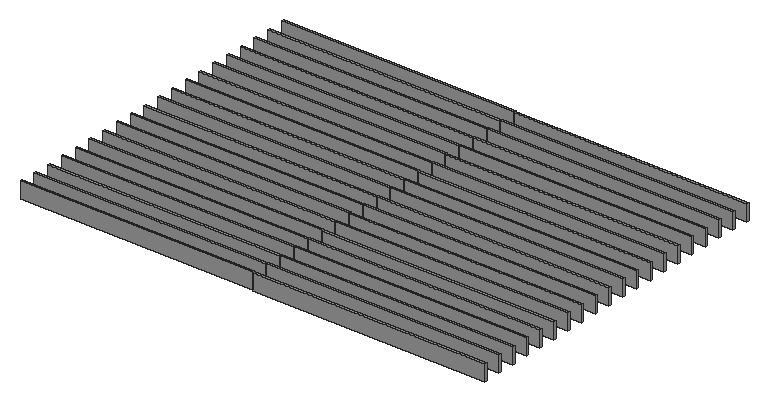
Revit family "BFL-FLD-002_RFA", category Modelos genéricos, Revit 2022
Family settings
  Puede alojar armadura = No
  Cota de conector redondo = Diámetro de uso
  Tipo de pieza = Normal
  Se basa en plano de trabajo = No
  Siempre vertical = Sí
  Corte con vacíos al cargar = No
  Mantener orientación de anotación = No
  Compartido = No
  Punto de cálculo de habitación = No
Parameters
  Elevación por defecto = 0.00"
Reference planes (in)
  plane 1 "Centro (Frontal/Posterior)": y = 0
  plane 2: z = 0
  plane 3 "Centro (Izquierda/Derecha)": x = 0
Forms (in)
  Extrusion 1, solid, not visible
    sketch origin (0, 0, 0) x (1, 0, 0) y (0, 1, 0)
      loop
        line (0, 2.25) -> (0, 0) -> (108, 0) -> (108, 2.25) -> (0, 2.25)
    from 0 to 8
  Extrusion 2, solid, not visible
    sketch origin (0, 0, 0) x (1, 0, 0) y (0, 1, 0)
      loop
        line (0, 2.25) -> (0, 0) -> (108, 0) -> (108, 2.25) -> (0, 2.25)
    from 0 to 8
  Extrusion 3, solid, not visible
    sketch origin (0, 8, 0) x (1, 0, 0) y (0, 1, 0)
      loop
        line (0, 2.25) -> (0, 0) -> (108, 0) -> (108, 2.25) -> (0, 2.25)
    from 0 to 8
  Extrusion 4, solid, not visible
    sketch origin (0, 16, 0) x (1, 0, 0) y (0, 1, 0)
      loop
        line (0, 2.25) -> (0, 0) -> (108, 0) -> (108, 2.25) -> (0, 2.25)
    from 0 to 8
  Extrusion 5, solid, not visible
    sketch origin (0, 24, 0) x (1, 0, 0) y (0, 1, 0)
      loop
        line (0, 2.25) -> (0, 0) -> (108, 0) -> (108, 2.25) -> (0, 2.25)
    from 0 to 8
  Extrusion 6, solid, not visible
    sketch origin (0, 32, 0) x (1, 0, 0) y (0, 1, 0)
      loop
        line (0, 2.25) -> (0, 0) -> (108, 0) -> (108, 2.25) -> (0, 2.25)
    from 0 to 8
  Extrusion 7, solid, not visible
    sketch origin (0, 40, 0) x (1, 0, 0) y (0, 1, 0)
      loop
        line (0, 2.25) -> (0, 0) -> (108, 0) -> (108, 2.25) -> (0, 2.25)
    from 0 to 8
  Extrusion 8, solid, not visible
    sketch origin (0, 48, 0) x (1, 0, 0) y (0, 1, 0)
      loop
        line (0, 2.25) -> (0, 0) -> (108, 0) -> (108, 2.25) -> (0, 2.25)
    from 0 to 8
  Extrusion 9, solid, not visible
    sketch origin (0, 56, 0) x (1, 0, 0) y (0, 1, 0)
      loop
        line (0, 2.25) -> (0, 0) -> (108, 0) -> (108, 2.25) -> (0, 2.25)
    from 0 to 8
  Extrusion 10, solid, not visible
    sketch origin (0, 64, 0) x (1, 0, 0) y (0, 1, 0)
      loop
        line (0, 2.25) -> (0, 0) -> (108, 0) -> (108, 2.25) -> (0, 2.25)
    from 0 to 8
  Extrusion 11, solid, not visible
    sketch origin (0, 72, 0) x (1, 0, 0) y (0, 1, 0)
      loop
        line (0, 2.25) -> (0, 0) -> (108, 0) -> (108, 2.25) -> (0, 2.25)
    from 0 to 8
  Extrusion 12, solid, not visible
    sketch origin (0, 80, 0) x (1, 0, 0) y (0, 1, 0)
      loop
        line (0, 2.25) -> (0, 0) -> (108, 0) -> (108, 2.25) -> (0, 2.25)
    from 0 to 8
  Extrusion 13, solid, not visible
    sketch origin (0, 88, 0) x (1, 0, 0) y (0, 1, 0)
      loop
        line (0, 2.25) -> (0, 0) -> (108, 0) -> (108, 2.25) -> (0, 2.25)
    from 0 to 8
  Extrusion 14, solid, not visible
    sketch origin (0, 96, 0) x (1, 0, 0) y (0, 1, 0)
      loop
        line (0, 2.25) -> (0, 0) -> (108, 0) -> (108, 2.25) -> (0, 2.25)
    from 0 to 8
  Extrusion 15, solid, not visible
    sketch origin (0, 104, 0) x (1, 0, 0) y (0, 1, 0)
      loop
        line (0, 2.25) -> (0, 0) -> (108, 0) -> (108, 2.25) -> (0, 2.25)
    from 0 to 8
  Extrusion 16, solid, not visible
    sketch origin (0, 112, 0) x (1, 0, 0) y (0, 1, 0)
      loop
        line (0, 2.25) -> (0, 0) -> (108, 0) -> (108, 2.25) -> (0, 2.25)
    from 0 to 8
  Extrusion 17, solid, not visible
    sketch origin (0, 120, 0) x (1, 0, 0) y (0, 1, 0)
      loop
        line (0, 2.25) -> (0, 0) -> (108, 0) -> (108, 2.25) -> (0, 2.25)
    from 0 to 8
  Extrusion 18, solid, not visible
    sketch origin (0, 128, 0) x (1, 0, 0) y (0, 1, 0)
      loop
        line (0, 2.25) -> (0, 0) -> (108, 0) -> (108, 2.25) -> (0, 2.25)
    from 0 to 8
  Extrusion 19, solid, not visible
    sketch origin (0, 136, 0) x (1, 0, 0) y (0, 1, 0)
      loop
        line (0, 2.25) -> (0, 0) -> (108, 0) -> (108, 2.25) -> (0, 2.25)
    from 0 to 8
  Extrusion 20, solid, not visible
    sketch origin (0, 144, 0) x (1, 0, 0) y (0, 1, 0)
      loop
        line (0, 2.25) -> (0, 0) -> (108, 0) -> (108, 2.25) -> (0, 2.25)
    from 0 to 8
  Extrusion 21, solid, not visible
    sketch origin (0, 152, 0) x (1, 0, 0) y (0, 1, 0)
      loop
        line (0, 2.25) -> (0, 0) -> (108, 0) -> (108, 2.25) -> (0, 2.25)
    from 0 to 8
  Extrusion 22, solid, not visible
    sketch origin (109, 0, 0) x (1, 0, 0) y (0, 1, 0)
      loop
        line (0, 2.25) -> (0, 0) -> (108, 0) -> (108, 2.25) -> (0, 2.25)
    from 0 to 8
  Extrusion 23, solid, not visible
    sketch origin (109, 8, 0) x (1, 0, 0) y (0, 1, 0)
      loop
        line (0, 2.25) -> (0, 0) -> (108, 0) -> (108, 2.25) -> (0, 2.25)
    from 0 to 8
  Extrusion 24, solid, not visible
    sketch origin (109, 16, 0) x (1, 0, 0) y (0, 1, 0)
      loop
        line (0, 2.25) -> (0, 0) -> (108, 0) -> (108, 2.25) -> (0, 2.25)
    from 0 to 8
  Extrusion 25, solid, not visible
    sketch origin (109, 24, 0) x (1, 0, 0) y (0, 1, 0)
      loop
        line (0, 2.25) -> (0, 0) -> (108, 0) -> (108, 2.25) -> (0, 2.25)
    from 0 to 8
  Extrusion 26, solid, not visible
    sketch origin (109, 32, 0) x (1, 0, 0) y (0, 1, 0)
      loop
        line (0, 2.25) -> (0, 0) -> (108, 0) -> (108, 2.25) -> (0, 2.25)
    from 0 to 8
  Extrusion 27, solid, not visible
    sketch origin (109, 40, 0) x (1, 0, 0) y (0, 1, 0)
      loop
        line (0, 2.25) -> (0, 0) -> (108, 0) -> (108, 2.25) -> (0, 2.25)
    from 0 to 8
  Extrusion 28, solid, not visible
    sketch origin (109, 48, 0) x (1, 0, 0) y (0, 1, 0)
      loop
        line (0, 2.25) -> (0, 0) -> (108, 0) -> (108, 2.25) -> (0, 2.25)
    from 0 to 8
  Extrusion 29, solid, not visible
    sketch origin (109, 56, 0) x (1, 0, 0) y (0, 1, 0)
      loop
        line (0, 2.25) -> (0, 0) -> (108, 0) -> (108, 2.25) -> (0, 2.25)
    from 0 to 8
  Extrusion 30, solid, not visible
    sketch origin (109, 64, 0) x (1, 0, 0) y (0, 1, 0)
      loop
        line (0, 2.25) -> (0, 0) -> (108, 0) -> (108, 2.25) -> (0, 2.25)
    from 0 to 8
  Extrusion 31, solid, not visible
    sketch origin (109, 72, 0) x (1, 0, 0) y (0, 1, 0)
      loop
        line (0, 2.25) -> (0, 0) -> (108, 0) -> (108, 2.25) -> (0, 2.25)
    from 0 to 8
  Extrusion 32, solid, not visible
    sketch origin (109, 80, 0) x (1, 0, 0) y (0, 1, 0)
      loop
        line (0, 2.25) -> (0, 0) -> (108, 0) -> (108, 2.25) -> (0, 2.25)
    from 0 to 8
  Extrusion 33, solid, not visible
    sketch origin (109, 88, 0) x (1, 0, 0) y (0, 1, 0)
      loop
        line (0, 2.25) -> (0, 0) -> (108, 0) -> (108, 2.25) -> (0, 2.25)
    from 0 to 8
  Extrusion 34, solid, not visible
    sketch origin (109, 96, 0) x (1, 0, 0) y (0, 1, 0)
      loop
        line (0, 2.25) -> (0, 0) -> (108, 0) -> (108, 2.25) -> (0, 2.25)
    from 0 to 8
  Extrusion 35, solid, not visible
    sketch origin (109, 104, 0) x (1, 0, 0) y (0, 1, 0)
      loop
        line (0, 2.25) -> (0, 0) -> (108, 0) -> (108, 2.25) -> (0, 2.25)
    from 0 to 8
  Extrusion 36, solid, not visible
    sketch origin (109, 112, 0) x (1, 0, 0) y (0, 1, 0)
      loop
        line (0, 2.25) -> (0, 0) -> (108, 0) -> (108, 2.25) -> (0, 2.25)
    from 0 to 8
  Extrusion 37, solid, not visible
    sketch origin (109, 120, 0) x (1, 0, 0) y (0, 1, 0)
      loop
        line (0, 2.25) -> (0, 0) -> (108, 0) -> (108, 2.25) -> (0, 2.25)
    from 0 to 8
  Extrusion 38, solid, not visible
    sketch origin (109, 128, 0) x (1, 0, 0) y (0, 1, 0)
      loop
        line (0, 2.25) -> (0, 0) -> (108, 0) -> (108, 2.25) -> (0, 2.25)
    from 0 to 8
  Extrusion 39, solid, not visible
    sketch origin (109, 136, 0) x (1, 0, 0) y (0, 1, 0)
      loop
        line (0, 2.25) -> (0, 0) -> (108, 0) -> (108, 2.25) -> (0, 2.25)
    from 0 to 8
  Extrusion 40, solid, not visible
    sketch origin (109, 144, 0) x (1, 0, 0) y (0, 1, 0)
      loop
        line (0, 2.25) -> (0, 0) -> (108, 0) -> (108, 2.25) -> (0, 2.25)
    from 0 to 8
  Extrusion 41, solid, not visible
    sketch origin (109, 152, 0) x (1, 0, 0) y (0, 1, 0)
      loop
        line (0, 2.25) -> (0, 0) -> (108, 0) -> (108, 2.25) -> (0, 2.25)
    from 0 to 8
  Extrusion 42, solid, not visible
    sketch origin (-108, 0, 0) x (1, 0, 0) y (0, 1, 0)
      loop
        line (0, 2.25) -> (0, 0) -> (108, 0) -> (108, 2.25) -> (0, 2.25)
    from 0 to 8
  Extrusion 43, solid, not visible
    sketch origin (-108, 8, 0) x (1, 0, 0) y (0, 1, 0)
      loop
        line (0, 2.25) -> (0, 0) -> (108, 0) -> (108, 2.25) -> (0, 2.25)
    from 0 to 8
  Extrusion 44, solid, not visible
    sketch origin (-108, 16, 0) x (1, 0, 0) y (0, 1, 0)
      loop
        line (0, 2.25) -> (0, 0) -> (108, 0) -> (108, 2.25) -> (0, 2.25)
    from 0 to 8
  Extrusion 45, solid, not visible
    sketch origin (-108, 24, 0) x (1, 0, 0) y (0, 1, 0)
      loop
        line (0, 2.25) -> (0, 0) -> (108, 0) -> (108, 2.25) -> (0, 2.25)
    from 0 to 8
  Extrusion 46, solid, not visible
    sketch origin (-108, 32, 0) x (1, 0, 0) y (0, 1, 0)
      loop
        line (0, 2.25) -> (0, 0) -> (108, 0) -> (108, 2.25) -> (0, 2.25)
    from 0 to 8
  Extrusion 47, solid, not visible
    sketch origin (-108, 40, 0) x (1, 0, 0) y (0, 1, 0)
      loop
        line (0, 2.25) -> (0, 0) -> (108, 0) -> (108, 2.25) -> (0, 2.25)
    from 0 to 8
  Extrusion 48, solid, not visible
    sketch origin (1, 0, 0) x (1, 0, 0) y (0, 1, 0)
      loop
        line (0, 2.25) -> (0, 0) -> (108, 0) -> (108, 2.25) -> (0, 2.25)
    from 0 to 8
  Extrusion 49, solid, not visible
    sketch origin (1, 8, 0) x (1, 0, 0) y (0, 1, 0)
      loop
        line (0, 2.25) -> (0, 0) -> (108, 0) -> (108, 2.25) -> (0, 2.25)
    from 0 to 8
  Extrusion 50, solid, not visible
    sketch origin (1, 16, 0) x (1, 0, 0) y (0, 1, 0)
      loop
        line (0, 2.25) -> (0, 0) -> (108, 0) -> (108, 2.25) -> (0, 2.25)
    from 0 to 8
  Extrusion 51, solid, not visible
    sketch origin (1, 24, 0) x (1, 0, 0) y (0, 1, 0)
      loop
        line (0, 2.25) -> (0, 0) -> (108, 0) -> (108, 2.25) -> (0, 2.25)
    from 0 to 8
  Extrusion 52, solid, not visible
    sketch origin (1, 32, 0) x (1, 0, 0) y (0, 1, 0)
      loop
        line (0, 2.25) -> (0, 0) -> (108, 0) -> (108, 2.25) -> (0, 2.25)
    from 0 to 8
  Extrusion 53, solid, not visible
    sketch origin (1, 40, 0) x (1, 0, 0) y (0, 1, 0)
      loop
        line (0, 2.25) -> (0, 0) -> (108, 0) -> (108, 2.25) -> (0, 2.25)
    from 0 to 8
  Extrusion 54, solid, not visible
    sketch origin (-108, 48, 0) x (1, 0, 0) y (0, 1, 0)
      loop
        line (0, 2.25) -> (0, 0) -> (108, 0) -> (108, 2.25) -> (0, 2.25)
    from 0 to 8
  Extrusion 55, solid, not visible
    sketch origin (-108, 56, 0) x (1, 0, 0) y (0, 1, 0)
      loop
        line (0, 2.25) -> (0, 0) -> (108, 0) -> (108, 2.25) -> (0, 2.25)
    from 0 to 8
  Extrusion 56, solid, not visible
    sketch origin (-108, 64, 0) x (1, 0, 0) y (0, 1, 0)
      loop
        line (0, 2.25) -> (0, 0) -> (108, 0) -> (108, 2.25) -> (0, 2.25)
    from 0 to 8
  Extrusion 57, solid, not visible
    sketch origin (-108, 72, 0) x (1, 0, 0) y (0, 1, 0)
      loop
        line (0, 2.25) -> (0, 0) -> (108, 0) -> (108, 2.25) -> (0, 2.25)
    from 0 to 8
  Extrusion 58, solid, not visible
    sketch origin (-108, 80, 0) x (1, 0, 0) y (0, 1, 0)
      loop
        line (0, 2.25) -> (0, 0) -> (108, 0) -> (108, 2.25) -> (0, 2.25)
    from 0 to 8
  Extrusion 59, solid, not visible
    sketch origin (1, 48, 0) x (1, 0, 0) y (0, 1, 0)
      loop
        line (0, 2.25) -> (0, 0) -> (108, 0) -> (108, 2.25) -> (0, 2.25)
    from 0 to 8
  Extrusion 60, solid, not visible
    sketch origin (1, 56, 0) x (1, 0, 0) y (0, 1, 0)
      loop
        line (0, 2.25) -> (0, 0) -> (108, 0) -> (108, 2.25) -> (0, 2.25)
    from 0 to 8
  Extrusion 61, solid, not visible
    sketch origin (1, 64, 0) x (1, 0, 0) y (0, 1, 0)
      loop
        line (0, 2.25) -> (0, 0) -> (108, 0) -> (108, 2.25) -> (0, 2.25)
    from 0 to 8
  Extrusion 62, solid, not visible
    sketch origin (1, 72, 0) x (1, 0, 0) y (0, 1, 0)
      loop
        line (0, 2.25) -> (0, 0) -> (108, 0) -> (108, 2.25) -> (0, 2.25)
    from 0 to 8
  Extrusion 63, solid, not visible
    sketch origin (1, 80, 0) x (1, 0, 0) y (0, 1, 0)
      loop
        line (0, 2.25) -> (0, 0) -> (108, 0) -> (108, 2.25) -> (0, 2.25)
    from 0 to 8
  Extrusion 64, solid, not visible
    sketch origin (-108, 88, 0) x (1, 0, 0) y (0, 1, 0)
      loop
        line (0, 2.25) -> (0, 0) -> (108, 0) -> (108, 2.25) -> (0, 2.25)
    from 0 to 8
  Extrusion 65, solid, not visible
    sketch origin (-108, 96, 0) x (1, 0, 0) y (0, 1, 0)
      loop
        line (0, 2.25) -> (0, 0) -> (108, 0) -> (108, 2.25) -> (0, 2.25)
    from 0 to 8
  Extrusion 66, solid, not visible
    sketch origin (-108, 104, 0) x (1, 0, 0) y (0, 1, 0)
      loop
        line (0, 2.25) -> (0, 0) -> (108, 0) -> (108, 2.25) -> (0, 2.25)
    from 0 to 8
  Extrusion 67, solid, not visible
    sketch origin (-108, 112, 0) x (1, 0, 0) y (0, 1, 0)
      loop
        line (0, 2.25) -> (0, 0) -> (108, 0) -> (108, 2.25) -> (0, 2.25)
    from 0 to 8
  Extrusion 68, solid, not visible
    sketch origin (-108, 120, 0) x (1, 0, 0) y (0, 1, 0)
      loop
        line (0, 2.25) -> (0, 0) -> (108, 0) -> (108, 2.25) -> (0, 2.25)
    from 0 to 8
  Extrusion 69, solid, not visible
    sketch origin (1, 88, 0) x (1, 0, 0) y (0, 1, 0)
      loop
        line (0, 2.25) -> (0, 0) -> (108, 0) -> (108, 2.25) -> (0, 2.25)
    from 0 to 8
  Extrusion 70, solid, not visible
    sketch origin (1, 96, 0) x (1, 0, 0) y (0, 1, 0)
      loop
        line (0, 2.25) -> (0, 0) -> (108, 0) -> (108, 2.25) -> (0, 2.25)
    from 0 to 8
  Extrusion 71, solid, not visible
    sketch origin (1, 104, 0) x (1, 0, 0) y (0, 1, 0)
      loop
        line (0, 2.25) -> (0, 0) -> (108, 0) -> (108, 2.25) -> (0, 2.25)
    from 0 to 8
  Extrusion 72, solid, not visible
    sketch origin (1, 112, 0) x (1, 0, 0) y (0, 1, 0)
      loop
        line (0, 2.25) -> (0, 0) -> (108, 0) -> (108, 2.25) -> (0, 2.25)
    from 0 to 8
  Extrusion 73, solid, not visible
    sketch origin (1, 120, 0) x (1, 0, 0) y (0, 1, 0)
      loop
        line (0, 2.25) -> (0, 0) -> (108, 0) -> (108, 2.25) -> (0, 2.25)
    from 0 to 8
  Extrusion 74, solid, not visible
    sketch origin (-108, 128, 0) x (1, 0, 0) y (0, 1, 0)
      loop
        line (0, 2.25) -> (0, 0) -> (108, 0) -> (108, 2.25) -> (0, 2.25)
    from 0 to 8
  Extrusion 75, solid, not visible
    sketch origin (-108, 136, 0) x (1, 0, 0) y (0, 1, 0)
      loop
        line (0, 2.25) -> (0, 0) -> (108, 0) -> (108, 2.25) -> (0, 2.25)
    from 0 to 8
  Extrusion 76, solid, not visible
    sketch origin (-108, 144, 0) x (1, 0, 0) y (0, 1, 0)
      loop
        line (0, 2.25) -> (0, 0) -> (108, 0) -> (108, 2.25) -> (0, 2.25)
    from 0 to 8
  Extrusion 77, solid, not visible
    sketch origin (-108, 152, 0) x (1, 0, 0) y (0, 1, 0)
      loop
        line (0, 2.25) -> (0, 0) -> (108, 0) -> (108, 2.25) -> (0, 2.25)
    from 0 to 8
  Extrusion 78, solid, not visible
    sketch origin (-108, 160, 0) x (1, 0, 0) y (0, 1, 0)
      loop
        line (0, 2.25) -> (0, 0) -> (108, 0) -> (108, 2.25) -> (0, 2.25)
    from 0 to 8
  Extrusion 79, solid, not visible
    sketch origin (1, 128, 0) x (1, 0, 0) y (0, 1, 0)
      loop
        line (0, 2.25) -> (0, 0) -> (108, 0) -> (108, 2.25) -> (0, 2.25)
    from 0 to 8
  Extrusion 80, solid, not visible
    sketch origin (1, 136, 0) x (1, 0, 0) y (0, 1, 0)
      loop
        line (0, 2.25) -> (0, 0) -> (108, 0) -> (108, 2.25) -> (0, 2.25)
    from 0 to 8
  Extrusion 81, solid, not visible
    sketch origin (1, 144, 0) x (1, 0, 0) y (0, 1, 0)
      loop
        line (0, 2.25) -> (0, 0) -> (108, 0) -> (108, 2.25) -> (0, 2.25)
    from 0 to 8
  Extrusion 82, solid, not visible
    sketch origin (1, 152, 0) x (1, 0, 0) y (0, 1, 0)
      loop
        line (0, 2.25) -> (0, 0) -> (108, 0) -> (108, 2.25) -> (0, 2.25)
    from 0 to 8
  Extrusion 83, solid, not visible
    sketch origin (1, 160, 0) x (1, 0, 0) y (0, 1, 0)
      loop
        line (0, 2.25) -> (0, 0) -> (108, 0) -> (108, 2.25) -> (0, 2.25)
    from 0 to 8
  Extrusion 84, solid
    sketch origin (0, 0, 0) x (1, 0, 0) y (0, 1, 0)
      loop
        line (0, 0.945) -> (0, 0) -> (108, 0) -> (108, 0.945) -> (0, 0.945)
    from 0 to 7.5
  Extrusion 85, solid
    sketch origin (0, 7.999, 0) x (1, 0, 0) y (0, 1, 0)
      loop
        line (0, 0.945) -> (0, 0) -> (108, 0) -> (108, 0.945) -> (0, 0.945)
    from 0 to 7.5
  Extrusion 86, solid
    sketch origin (0, 15.999, 0) x (1, 0, 0) y (0, 1, 0)
      loop
        line (0, 0.945) -> (0, 0) -> (108, 0) -> (108, 0.945) -> (0, 0.945)
    from 0 to 7.5
  Extrusion 87, solid
    sketch origin (0, 23.999, 0) x (1, 0, 0) y (0, 1, 0)
      loop
        line (0, 0.945) -> (0, 0) -> (108, 0) -> (108, 0.945) -> (0, 0.945)
    from 0 to 7.5
  Extrusion 88, solid
    sketch origin (108.25, 0, 0) x (1, 0, 0) y (0, 1, 0)
      loop
        line (0, 0.945) -> (0, 0) -> (108, 0) -> (108, 0.945) -> (0, 0.945)
    from 0 to 7.5
  Extrusion 89, solid
    sketch origin (108.25, 7.999, 0) x (1, 0, 0) y (0, 1, 0)
      loop
        line (0, 0.945) -> (0, 0) -> (108, 0) -> (108, 0.945) -> (0, 0.945)
    from 0 to 7.5
  Extrusion 90, solid
    sketch origin (108.25, 15.999, 0) x (1, 0, 0) y (0, 1, 0)
      loop
        line (0, 0.945) -> (0, 0) -> (108, 0) -> (108, 0.945) -> (0, 0.945)
    from 0 to 7.5
  Extrusion 91, solid
    sketch origin (108.25, 23.999, 0) x (1, 0, 0) y (0, 1, 0)
      loop
        line (0, 0.945) -> (0, 0) -> (108, 0) -> (108, 0.945) -> (0, 0.945)
    from 0 to 7.5
  Extrusion 92, solid
    sketch origin (0, 31.998, 0) x (1, 0, 0) y (0, 1, 0)
      loop
        line (0, 0.945) -> (0, 0) -> (108, 0) -> (108, 0.945) -> (0, 0.945)
    from 0 to 7.5
  Extrusion 93, solid
    sketch origin (0, 39.998, 0) x (1, 0, 0) y (0, 1, 0)
      loop
        line (0, 0.945) -> (0, 0) -> (108, 0) -> (108, 0.945) -> (0, 0.945)
    from 0 to 7.5
  Extrusion 94, solid
    sketch origin (0, 47.998, 0) x (1, 0, 0) y (0, 1, 0)
      loop
        line (0, 0.945) -> (0, 0) -> (108, 0) -> (108, 0.945) -> (0, 0.945)
    from 0 to 7.5
  Extrusion 95, solid
    sketch origin (108.25, 31.998, 0) x (1, 0, 0) y (0, 1, 0)
      loop
        line (0, 0.945) -> (0, 0) -> (108, 0) -> (108, 0.945) -> (0, 0.945)
    from 0 to 7.5
  Extrusion 96, solid
    sketch origin (108.25, 39.998, 0) x (1, 0, 0) y (0, 1, 0)
      loop
        line (0, 0.945) -> (0, 0) -> (108, 0) -> (108, 0.945) -> (0, 0.945)
    from 0 to 7.5
  Extrusion 97, solid
    sketch origin (108.25, 47.998, 0) x (1, 0, 0) y (0, 1, 0)
      loop
        line (0, 0.945) -> (0, 0) -> (108, 0) -> (108, 0.945) -> (0, 0.945)
    from 0 to 7.5
  Extrusion 98, solid
    sketch origin (0, 55.997, 0) x (1, 0, 0) y (0, 1, 0)
      loop
        line (0, 0.945) -> (0, 0) -> (108, 0) -> (108, 0.945) -> (0, 0.945)
    from 0 to 7.5
  Extrusion 99, solid
    sketch origin (0, 63.997, 0) x (1, 0, 0) y (0, 1, 0)
      loop
        line (0, 0.945) -> (0, 0) -> (108, 0) -> (108, 0.945) -> (0, 0.945)
    from 0 to 7.5
  Extrusion 100, solid
    sketch origin (0, 71.997, 0) x (1, 0, 0) y (0, 1, 0)
      loop
        line (0, 0.945) -> (0, 0) -> (108, 0) -> (108, 0.945) -> (0, 0.945)
    from 0 to 7.5
  Extrusion 101, solid
    sketch origin (108.25, 55.997, 0) x (1, 0, 0) y (0, 1, 0)
      loop
        line (0, 0.945) -> (0, 0) -> (108, 0) -> (108, 0.945) -> (0, 0.945)
    from 0 to 7.5
  Extrusion 102, solid
    sketch origin (108.25, 63.997, 0) x (1, 0, 0) y (0, 1, 0)
      loop
        line (0, 0.945) -> (0, 0) -> (108, 0) -> (108, 0.945) -> (0, 0.945)
    from 0 to 7.5
  Extrusion 103, solid
    sketch origin (108.25, 71.997, 0) x (1, 0, 0) y (0, 1, 0)
      loop
        line (0, 0.945) -> (0, 0) -> (108, 0) -> (108, 0.945) -> (0, 0.945)
    from 0 to 7.5
  Extrusion 104, solid
    sketch origin (0, 79.996, 0) x (1, 0, 0) y (0, 1, 0)
      loop
        line (0, 0.945) -> (0, 0) -> (108, 0) -> (108, 0.945) -> (0, 0.945)
    from 0 to 7.5
  Extrusion 105, solid
    sketch origin (0, 87.996, 0) x (1, 0, 0) y (0, 1, 0)
      loop
        line (0, 0.945) -> (0, 0) -> (108, 0) -> (108, 0.945) -> (0, 0.945)
    from 0 to 7.5
  Extrusion 106, solid
    sketch origin (0, 95.996, 0) x (1, 0, 0) y (0, 1, 0)
      loop
        line (0, 0.945) -> (0, 0) -> (108, 0) -> (108, 0.945) -> (0, 0.945)
    from 0 to 7.5
  Extrusion 107, solid
    sketch origin (108.25, 79.996, 0) x (1, 0, 0) y (0, 1, 0)
      loop
        line (0, 0.945) -> (0, 0) -> (108, 0) -> (108, 0.945) -> (0, 0.945)
    from 0 to 7.5
  Extrusion 108, solid
    sketch origin (108.25, 87.996, 0) x (1, 0, 0) y (0, 1, 0)
      loop
        line (0, 0.945) -> (0, 0) -> (108, 0) -> (108, 0.945) -> (0, 0.945)
    from 0 to 7.5
  Extrusion 109, solid
    sketch origin (108.25, 95.996, 0) x (1, 0, 0) y (0, 1, 0)
      loop
        line (0, 0.945) -> (0, 0) -> (108, 0) -> (108, 0.945) -> (0, 0.945)
    from 0 to 7.5
  Extrusion 110, solid
    sketch origin (0, 103.995, 0) x (1, 0, 0) y (0, 1, 0)
      loop
        line (0, 0.945) -> (0, 0) -> (108, 0) -> (108, 0.945) -> (0, 0.945)
    from 0 to 7.5
  Extrusion 111, solid
    sketch origin (0, 111.995, 0) x (1, 0, 0) y (0, 1, 0)
      loop
        line (0, 0.945) -> (0, 0) -> (108, 0) -> (108, 0.945) -> (0, 0.945)
    from 0 to 7.5
  Extrusion 112, solid
    sketch origin (0, 119.995, 0) x (1, 0, 0) y (0, 1, 0)
      loop
        line (0, 0.945) -> (0, 0) -> (108, 0) -> (108, 0.945) -> (0, 0.945)
    from 0 to 7.5
  Extrusion 113, solid
    sketch origin (108.25, 103.995, 0) x (1, 0, 0) y (0, 1, 0)
      loop
        line (0, 0.945) -> (0, 0) -> (108, 0) -> (108, 0.945) -> (0, 0.945)
    from 0 to 7.5
  Extrusion 114, solid
    sketch origin (108.25, 111.995, 0) x (1, 0, 0) y (0, 1, 0)
      loop
        line (0, 0.945) -> (0, 0) -> (108, 0) -> (108, 0.945) -> (0, 0.945)
    from 0 to 7.5
  Extrusion 115, solid
    sketch origin (108.25, 119.995, 0) x (1, 0, 0) y (0, 1, 0)
      loop
        line (0, 0.945) -> (0, 0) -> (108, 0) -> (108, 0.945) -> (0, 0.945)
    from 0 to 7.5
  Extrusion 116, solid
    sketch origin (0, 127.994, 0) x (1, 0, 0) y (0, 1, 0)
      loop
        line (0, 0.945) -> (0, 0) -> (108, 0) -> (108, 0.945) -> (0, 0.945)
    from 0 to 7.5
  Extrusion 117, solid
    sketch origin (0, 135.994, 0) x (1, 0, 0) y (0, 1, 0)
      loop
        line (0, 0.945) -> (0, 0) -> (108, 0) -> (108, 0.945) -> (0, 0.945)
    from 0 to 7.5
  Extrusion 118, solid
    sketch origin (0, 143.994, 0) x (1, 0, 0) y (0, 1, 0)
      loop
        line (0, 0.945) -> (0, 0) -> (108, 0) -> (108, 0.945) -> (0, 0.945)
    from 0 to 7.5
  Extrusion 119, solid
    sketch origin (108.25, 127.994, 0) x (1, 0, 0) y (0, 1, 0)
      loop
        line (0, 0.945) -> (0, 0) -> (108, 0) -> (108, 0.945) -> (0, 0.945)
    from 0 to 7.5
  Extrusion 120, solid
    sketch origin (108.25, 135.994, 0) x (1, 0, 0) y (0, 1, 0)
      loop
        line (0, 0.945) -> (0, 0) -> (108, 0) -> (108, 0.945) -> (0, 0.945)
    from 0 to 7.5
  Extrusion 121, solid
    sketch origin (108.25, 143.994, 0) x (1, 0, 0) y (0, 1, 0)
      loop
        line (0, 0.945) -> (0, 0) -> (108, 0) -> (108, 0.945) -> (0, 0.945)
    from 0 to 7.5
  Extrusion 122, solid
    sketch origin (0, 151.993, 0) x (1, 0, 0) y (0, 1, 0)
      loop
        line (0, 0.945) -> (0, 0) -> (108, 0) -> (108, 0.945) -> (0, 0.945)
    from 0 to 7.5
  Extrusion 123, solid
    sketch origin (108.25, 151.993, 0) x (1, 0, 0) y (0, 1, 0)
      loop
        line (0, 0.945) -> (0, 0) -> (108, 0) -> (108, 0.945) -> (0, 0.945)
    from 0 to 7.5
Dimensions and locks (in)
  Extrusion 84 to Extrusion 84 = 108.00"
  Extrusion 84 to Extrusion 88 = 0.25"
  Extrusion 88 to Extrusion 88 = 108.00"
  Extrusion 88 to Extrusion 88 = 0.945"
  Extrusion 85 to Extrusion 84 = 7.054"
  Extrusion 84 to Extrusion 84 = 7.50"
  Extrusion 84 to Extrusion 84 to Extrusion 88 to Extrusion 88 = 108.00", 0.25", 108.00"
  aligned and locked: level to plane 2
